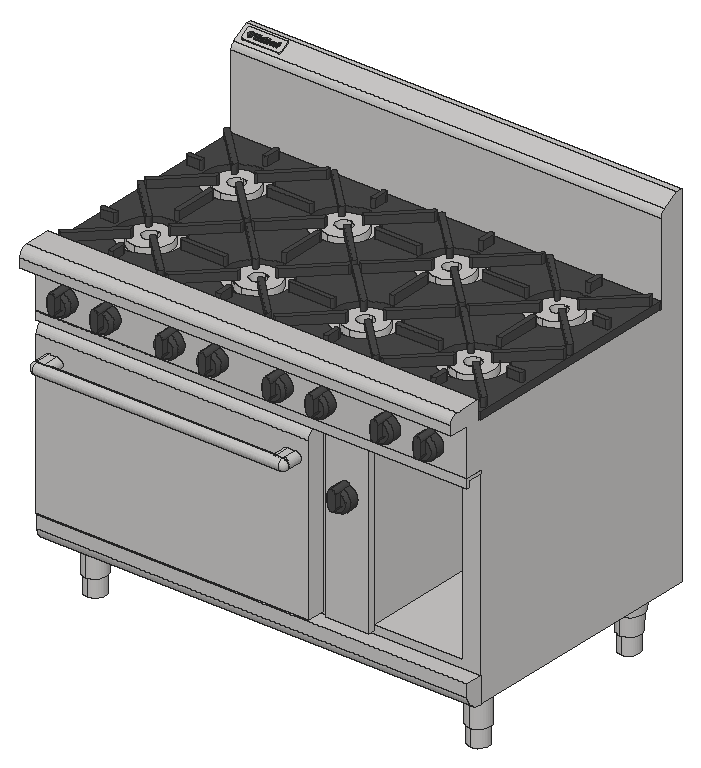
Revit family "QF_MOFFAT WALDORF_RN8810G", category Specialty Equipment, Revit 2012 (continued)
Automatic sketch dimensions
  Extrusion 11 sketch curve to plane 13 = 7.374 mm  (x8)
  plane 8 "Center X" to Extrusion 11 sketch curve = 8.898 mm  (x8)
  plane 8 "Center X" to Extrusion 11 sketch curve = 4.372 mm  (x8)
  Extrusion 11 sketch curve to plane 8 "Center X" = 43.102 mm  (x4)
  Extrusion 11 sketch curve to Extrusion 11 sketch curve = 55.923 mm  (x12)
  plane 10 to Extrusion 11 sketch curve = 43.646 mm  (x2)
  Extrusion 11 sketch curve to plane 11 = 9.416 mm  (x2)
  plane 10 to Extrusion 11 sketch curve = 43.172 mm  (x3)
  plane 10 to Extrusion 11 sketch curve = 9.848 mm  (x8)
  plane 10 to Extrusion 11 sketch curve = 5.323 mm  (x8)
  Extrusion 11 sketch curve to plane 10 = 65.126 mm  (x4)
  plane 9 to Extrusion 11 sketch curve = 13.898 mm
  Extrusion 11 sketch curve to plane 10 = 98.074 mm  (x5)
  plane 7 "Center Y" to Extrusion 11 sketch curve = 6.102 mm  (x3)
  plane 4 "RIGHT" to Extrusion 11 sketch curve = 6.102 mm
  plane 9 to Extrusion 11 sketch curve = 26.102 mm
  Extrusion 11 sketch curve to plane 7 "Center Y" = 6.102 mm
  plane 3 "LEFT" to Extrusion 11 sketch curve = 6.102 mm  (x3)
  plane 14 to Extrusion 11 sketch curve = 40.025 mm  (x4)
  plane 14 to Extrusion 11 sketch curve = 69.6 mm
  Extrusion 11 sketch curve to Extrusion 11 sketch curve = 53.847 mm  (x16)
  Extrusion 11 sketch curve to plane 9 = 38.102 mm  (x2)
  Extrusion 11 sketch curve to Extrusion 11 sketch curve = 12.205 mm  (x7)
  plane 9 to Extrusion 11 sketch curve = 78.102 mm  (x2)
  Extrusion 11 sketch curve to plane 7 "Center Y" = 58.102 mm  (x2)
  plane 7 "Center Y" to Extrusion 11 sketch curve = 58.102 mm  (x2)
  Extrusion 11 sketch curve to Extrusion 11 sketch curve = 128.447 mm  (x3)
  Extrusion 11 sketch curve to Extrusion 11 sketch curve = 116.204 mm  (x2)
  Extrusion 11 sketch curve to plane 16 = 90.9 mm
  plane 16 to Extrusion 11 sketch curve = 15.859 mm  (x2)
  Extrusion 1 to Split face 6 sketch curve = 1.962 mm
  Split face 6 sketch curve to Extrusion 1 = 14.14 mm
  Split face 6 sketch curve to Extrusion 1 = 264.5 mm
  Split face 6 sketch curve to Split face 6 sketch curve = 20 mm
  Extrusion 1 to Split face 7 sketch curve = 1.962 mm
  Split face 7 sketch curve to Extrusion 1 = 14.14 mm
  Split face 7 sketch curve to Extrusion 1 = 291.5 mm
  Split face 7 sketch curve to Split face 7 sketch curve = 20 mm
  Extrusion 1 to Split face 8 sketch curve = 1.962 mm
  Split face 8 sketch curve to Extrusion 1 = 14.14 mm
  Split face 8 sketch curve to Extrusion 1 = 318.5 mm
  Split face 8 sketch curve to Split face 8 sketch curve = 20 mm
  Extrusion 1 to Split face 9 sketch curve = 1.962 mm
  Split face 9 sketch curve to Extrusion 1 = 14.14 mm
  Split face 9 sketch curve to Extrusion 1 = 345.5 mm
  Split face 9 sketch curve to Split face 9 sketch curve = 20 mm
  Extrusion 1 to Split face 10 sketch curve = 1.962 mm
  Split face 10 sketch curve to Extrusion 1 = 14.14 mm
  Split face 10 sketch curve to Extrusion 1 = 372.5 mm
  Split face 10 sketch curve to Split face 10 sketch curve = 20 mm
  Extrusion 1 to Split face 11 sketch curve = 1.962 mm
  Split face 11 sketch curve to Extrusion 1 = 14.14 mm
  Split face 11 sketch curve to Extrusion 1 = 399.5 mm
  Split face 11 sketch curve to Split face 11 sketch curve = 20 mm
  Extrusion 1 to Split face 12 sketch curve = 1.962 mm
  Split face 12 sketch curve to Extrusion 1 = 14.14 mm
  Split face 12 sketch curve to Extrusion 1 = 426.5 mm
  Split face 12 sketch curve to Split face 12 sketch curve = 20 mm
  Extrusion 1 to Split face 13 sketch curve = 1.962 mm
  Split face 13 sketch curve to Extrusion 1 = 14.14 mm
  Split face 13 sketch curve to Extrusion 1 = 453.5 mm
  Split face 13 sketch curve to Split face 13 sketch curve = 20 mm
  Extrusion 1 to Split face 14 sketch curve = 1.962 mm
  Split face 14 sketch curve to Extrusion 1 = 14.14 mm
  Split face 14 sketch curve to Extrusion 1 = 480.5 mm
  Split face 14 sketch curve to Split face 14 sketch curve = 20 mm
  Extrusion 1 to Split face 15 sketch curve = 1.962 mm
  Split face 15 sketch curve to Extrusion 1 = 14.14 mm
  Split face 15 sketch curve to Extrusion 1 = 507.5 mm
  Split face 15 sketch curve to Split face 15 sketch curve = 20 mm
  Extrusion 1 to Split face 16 sketch curve = 1.962 mm
  Split face 16 sketch curve to Extrusion 1 = 14.14 mm
  Split face 16 sketch curve to Extrusion 1 = 534.5 mm
  Split face 16 sketch curve to Split face 16 sketch curve = 20 mm
  Extrusion 1 to Split face 17 sketch curve = 1.962 mm
  Split face 17 sketch curve to Extrusion 1 = 14.14 mm
  Split face 17 sketch curve to Extrusion 1 = 561.5 mm
  Split face 17 sketch curve to Split face 17 sketch curve = 20 mm
  Extrusion 1 to Split face 18 sketch curve = 1.962 mm
  Split face 18 sketch curve to Extrusion 1 = 14.14 mm
  Split face 18 sketch curve to Extrusion 1 = 588.5 mm
  Split face 18 sketch curve to Split face 18 sketch curve = 20 mm
  Extrusion 1 to Split face 19 sketch curve = 1.962 mm
  Split face 19 sketch curve to Extrusion 1 = 14.14 mm
  Split face 19 sketch curve to Extrusion 1 = 584.5 mm
  Split face 19 sketch curve to Split face 19 sketch curve = 20 mm
  Extrusion 1 to Split face 20 sketch curve = 1.962 mm
  Split face 20 sketch curve to Extrusion 1 = 14.14 mm
  Split face 20 sketch curve to Extrusion 1 = 557.5 mm
  Split face 20 sketch curve to Split face 20 sketch curve = 20 mm
  Extrusion 1 to Split face 21 sketch curve = 1.962 mm
  Split face 21 sketch curve to Extrusion 1 = 14.14 mm
  Split face 21 sketch curve to Extrusion 1 = 530.5 mm
  Split face 21 sketch curve to Split face 21 sketch curve = 20 mm
  Extrusion 1 to Split face 22 sketch curve = 1.962 mm
  Split face 22 sketch curve to Extrusion 1 = 14.14 mm
  Split face 22 sketch curve to Extrusion 1 = 503.5 mm
  Split face 22 sketch curve to Split face 22 sketch curve = 20 mm
  Extrusion 1 to Split face 23 sketch curve = 1.962 mm
  Split face 23 sketch curve to Extrusion 1 = 14.14 mm
  Split face 23 sketch curve to Extrusion 1 = 476.5 mm
  Split face 23 sketch curve to Split face 23 sketch curve = 20 mm
  Extrusion 1 to Split face 24 sketch curve = 1.962 mm
  Split face 24 sketch curve to Extrusion 1 = 14.14 mm
  Split face 24 sketch curve to Extrusion 1 = 449.5 mm
  Split face 24 sketch curve to Split face 24 sketch curve = 20 mm
  Extrusion 1 to Split face 25 sketch curve = 1.962 mm
  Split face 25 sketch curve to Extrusion 1 = 14.14 mm
  Split face 25 sketch curve to Extrusion 1 = 422.5 mm
  Split face 25 sketch curve to Split face 25 sketch curve = 20 mm
  Extrusion 1 to Split face 26 sketch curve = 1.962 mm
  Split face 26 sketch curve to Extrusion 1 = 14.14 mm
  Split face 26 sketch curve to Extrusion 1 = 395.5 mm
  Split face 26 sketch curve to Split face 26 sketch curve = 20 mm
  Extrusion 1 to Split face 27 sketch curve = 1.962 mm
  Split face 27 sketch curve to Extrusion 1 = 14.14 mm
  Split face 27 sketch curve to Extrusion 1 = 368.5 mm
  Split face 27 sketch curve to Split face 27 sketch curve = 20 mm
  Extrusion 1 to Split face 28 sketch curve = 1.962 mm
  Split face 28 sketch curve to Extrusion 1 = 14.14 mm
  Split face 28 sketch curve to Extrusion 1 = 341.5 mm
  Split face 28 sketch curve to Split face 28 sketch curve = 20 mm
  Extrusion 1 to Split face 29 sketch curve = 1.962 mm
  Split face 29 sketch curve to Extrusion 1 = 14.14 mm
  Split face 29 sketch curve to Extrusion 1 = 314.5 mm
  Split face 29 sketch curve to Split face 29 sketch curve = 20 mm
  Extrusion 1 to Split face 30 sketch curve = 1.962 mm
  Split face 30 sketch curve to Extrusion 1 = 14.14 mm
  Split face 30 sketch curve to Extrusion 1 = 287.5 mm
  Split face 30 sketch curve to Split face 30 sketch curve = 20 mm
  Extrusion 1 to Split face 31 sketch curve = 1.962 mm
  Split face 31 sketch curve to Extrusion 1 = 14.14 mm
  Split face 31 sketch curve to Extrusion 1 = 260.5 mm
  Split face 31 sketch curve to Split face 31 sketch curve = 20 mm
  Extrusion 1 to Split face 32 sketch curve = 1.962 mm
  Split face 32 sketch curve to Extrusion 1 = 14.14 mm
  Split face 32 sketch curve to Extrusion 1 = 233.5 mm
  Split face 32 sketch curve to Split face 32 sketch curve = 20 mm
  Extrusion 1 to Split face 33 sketch curve = 1.962 mm
  Split face 33 sketch curve to Extrusion 1 = 14.14 mm
  Split face 33 sketch curve to Extrusion 1 = 206.5 mm
  Split face 33 sketch curve to Split face 33 sketch curve = 20 mm
  Extrusion 1 to Split face 34 sketch curve = 1.962 mm
  Split face 34 sketch curve to Extrusion 1 = 14.14 mm
  Split face 34 sketch curve to Extrusion 1 = 179.5 mm
  Split face 34 sketch curve to Split face 34 sketch curve = 20 mm
  Extrusion 1 to Split face 35 sketch curve = 1.962 mm
  Split face 35 sketch curve to Extrusion 1 = 14.14 mm
  Split face 35 sketch curve to Extrusion 1 = 152.5 mm
  Split face 35 sketch curve to Split face 35 sketch curve = 20 mm
  Extrusion 1 to Split face 36 sketch curve = 1.962 mm
  Split face 36 sketch curve to Extrusion 1 = 14.14 mm
  Split face 36 sketch curve to Extrusion 1 = 125.5 mm
  Split face 36 sketch curve to Split face 36 sketch curve = 20 mm
  Extrusion 30 sketch curve to Extrusion 2 = 0 mm  (x2)
  Extrusion 30 sketch curve to Extrusion 30 sketch curve = 469.847 mm
  Extrusion 31 sketch curve to plane 16 = 0.512 mm
  Extrusion 31 sketch curve to Extrusion 31 sketch curve = 81 mm
  Extrusion 31 sketch curve to plane 17 = 6.76 mm
  Extrusion 31 sketch curve to Extrusion 31 sketch curve = 48.5 mm
  Extrusion 31 sketch curve to plane 1 "BACK" = 30.24 mm
  Extrusion 31 sketch curve to plane 17 = 55.26 mm
  plane 10 to Extrusion 10 sketch curve = 36.504 mm  (x4)
  plane 7 "Center Y" to Extrusion 10 sketch curve = 150 mm  (x2)
  Extrusion 3 sketch curve to plane 5 "FRONT" = 91 mm
  plane 18 to Extrusion 3 sketch curve = 45 mm
  Extrusion 32 sketch curve to Extrusion 32 sketch curve = 0 mm  (x17)
  Extrusion 1 to Extrusion 32 sketch curve = 167.5 mm  (x4)
  Extrusion 32 sketch curve to Extrusion 1 = 171.5 mm  (x4)
  Extrusion 1 to Extrusion 32 sketch curve = 150 mm  (x4)
  Extrusion 32 sketch curve to Extrusion 32 sketch curve = 300 mm  (x3)
  Extrusion 33 sketch curve to plane 11 = 1.472 mm
  Extrusion 33 sketch curve to plane 18 = 46.875 mm  (x2)
  Extrusion 33 sketch curve to Extrusion 33 sketch curve = 15 mm  (x2)
  plane 7 "Center Y" to Extrusion 33 sketch curve = 102.757 mm
  Extrusion 33 sketch curve to Extrusion 33 sketch curve = 20.282 mm  (x2)
  Revolve 34 sketch curve to plane 3 "LEFT" = 6.961 mm
  plane 3 "LEFT" to Revolve 34 sketch curve = 23.246 mm
  Revolve 34 sketch curve to plane 18 = 16.875 mm
  Revolve 34 sketch curve to Revolve 34 sketch curve = 15 mm
  Revolve 34 sketch curve to plane 7 "Center Y" = 11.961 mm
  plane 7 "Center Y" to Revolve 34 sketch curve = 123.039 mm
  Revolve 34 sketch curve to Revolve 34 sketch curve = 0 mm
  curve 46 to curve 253 = 0 mm  (x2)
  curve 253 to curve 253 = 22 mm
  curve 179 to curve 255 = 0 mm  (x2)
  curve 255 to curve 255 = 22 mm
  curve 181 to curve 257 = 0 mm  (x2)
  curve 257 to curve 257 = 22 mm
  curve 183 to curve 259 = 0 mm  (x2)
  curve 260 to curve 259 = 22 mm
  curve 226 to curve 261 = 0 mm  (x2)
  plane 10 to curve 262 = 14.772 mm
  curve 224 to curve 263 = 0 mm  (x2)
  plane 10 to curve 263 = 14.772 mm
  curve 222 to curve 265 = 0 mm  (x2)
  plane 10 to curve 266 = 14.772 mm
  curve 48 to curve 267 = 0 mm  (x2)
  plane 10 to curve 268 = 14.772 mm
  radius of Extrusion 8 sketch curve = 10 mm
  radius of Extrusion 10 sketch curve = 85 mm  (x8)
  radius of Extrusion 32 sketch curve = 57 mm  (x8)
  radius of Extrusion 32 sketch curve = 22 mm  (x8)
Nested families
  nested 1: "WALDORF LOGO_FACE BASE" at (12.5, -21.284, 1127.238) x (1, 0, 0) z (0, -0.5, 0.866), visible <- "Show Logo", type "WALDORF LOGO_FACE BASE", detail levels medium+fine
    with Show Logo yes
Connectors
  piping at (1070, -32, 655)
    settings: on Extrusion 8, index 4, connector radius 0.37402", flow factor 0, pipe flow 0 GPM, pressure drop 0.00 psi, fitting loss kfactor 0, connector angle 0.00°, fixture units 0, engagement length 0 mm, flow configuration 1, flow direction 1, fitting loss method 0, system type 7, joint type 0, gender type 0, connector reference index -1, connector utility 0, adjustable connector no, is connector primary yes, fitting loss table "", connector description "GAS CONNECTION"
Definition of nested family "WALDORF LOGO_FACE BASE"
  Parameters (values of type "WALDORF LOGO_FACE BASE")
    Show Logo [instance] = yes
    Default Elevation = 1219.2 mm
  Reference planes
    plane 1 "Center (Front/Back)": y = 0
    plane 2: z = 0
    plane 3 "Center (Left/Right)": x = 0
  Forms (mm)
    Extrusion 1, solid
      sketch origin (0, 0, 0) x (1, 0, 0) y (0, 1, 0)
        loop
          line (-1219.2, 1219.2) -> (-1219.2, -1219.2) -> (1219.2, -1219.2) -> (1219.2, 1219.2) -> (-1219.2, 1219.2)
      from 0 to -304.8
    Extrusion 2, solid, material "QF_Finishes_Stainless Steel", visible <- "Show Logo"
      sketch origin (0, -33.217, 0) x (1, 0, 0) y (0, 1, 0)
        loop
          arc (5, 34.14) -> (1.464, 32.676) -> (0, 29.14) r 5
          line (0, 29.14) -> (0, 5)
          arc (0, 5) -> (1.464, 1.464) -> (5, 0) r 5
          line (5, 0) -> (104, 0)
          arc (104, 0) -> (107.536, 1.464) -> (109, 5) r 5
          line (109, 5) -> (109, 29.14)
          arc (109, 29.14) -> (107.536, 32.676) -> (104, 34.14) r 5
          line (104, 34.14) -> (5, 34.14)
      from 0 to 1.588
    Extrusion 3, solid, material "QF_Finishes_Black", visible <- "Show Logo"
      sketch origin (0, -33.217, 1.588) x (1, 0, 0) y (0, 1, 0)
        loop
          line (24.772, 23.214) -> (27.992, 10.301) -> (31.551, 10.301) -> (33.443, 17.364) -> (35.205, 10.301) -> (39.332, 10.301) -> (42.077, 23.214) -> (38.352, 23.214) -> (36.676, 15.33) -> (35, 23.214) -> (31.752, 23.214) -> (30.076, 15.33) -> (28.4, 23.214) -> (24.772, 23.214)
        loop
          line (42.272, 17.055) -> (45.703, 17.055)
          spline (45.703, 17.055) -> (45.741, 17.285) -> (45.852, 17.499) -> (46.028, 17.682) -> (46.258, 17.823) -> (46.526, 17.912) -> (46.813, 17.942) -> (47.1, 17.912) -> (47.368, 17.823) -> (47.597, 17.682) -> (47.774, 17.499) -> (47.884, 17.285) -> (47.922, 17.055)
          line (47.922, 17.055) -> (47.922, 16.222)
          arc (47.922, 16.222) -> (45.742, 16.014) -> (43.665, 15.317) r 9.604
          arc (43.665, 15.317) -> (41.924, 12.809) -> (43.665, 10.301) r 2.677
          arc (43.665, 10.301) -> (45.527, 10.353) -> (47.332, 10.816) r 8.365
          line (47.332, 10.816) -> (48.092, 11.105) -> (48.092, 10.301) -> (51.817, 10.301) -> (51.817, 17.055)
          spline (51.817, 17.055) -> (51.654, 17.821) -> (51.178, 18.535) -> (50.419, 19.148) -> (49.431, 19.619) -> (48.28, 19.914) -> (47.044, 20.015) -> (45.809, 19.914) -> (44.658, 19.619) -> (43.67, 19.148) -> (42.911, 18.535) -> (42.434, 17.821) -> (42.272, 17.055)
        loop
          line (53.151, 23.214) -> (53.151, 10.301) -> (57.37, 10.301) -> (57.37, 23.214) -> (53.151, 23.214)
        loop
          line (64.874, 23.214) -> (64.874, 18.857)
          arc (64.874, 18.857) -> (58.083, 15.11) -> (64.874, 11.363) r 4.429
          line (64.874, 11.363) -> (64.874, 10.301) -> (68.378, 10.301) -> (68.378, 23.214) -> (64.874, 23.214)
        loop
          arc (64.874, 16.083) -> (61.41, 14.987) -> (64.874, 13.891) r 1.905
          line (64.874, 13.891) -> (64.874, 16.083)
        loop
          circle (74.623, 15.223) r 5
        loop
          spline (74.623, 17.856) -> (74.355, 17.766) -> (74.105, 17.503) -> (73.891, 17.084) -> (73.726, 16.539) -> (73.623, 15.904) -> (73.588, 15.223) -> (73.623, 14.541) -> (73.726, 13.906) -> (73.891, 13.361) -> (74.105, 12.942) -> (74.355, 12.679) -> (74.623, 12.59)
          spline (74.623, 12.59) -> (74.891, 12.679) -> (75.141, 12.942) -> (75.355, 13.361) -> (75.52, 13.906) -> (75.623, 14.541) -> (75.659, 15.223) -> (75.623, 15.904) -> (75.52, 16.539) -> (75.355, 17.084) -> (75.141, 17.503) -> (74.891, 17.766) -> (74.623, 17.856)
        loop
          line (81.255, 19.813) -> (81.255, 10.301) -> (84.834, 10.301) -> (84.834, 14.176)
          arc (84.834, 14.176) -> (85.854, 16.093) -> (88.013, 16.32) r 2.313
          line (88.013, 16.32) -> (88.013, 19.813) -> (87.161, 19.813)
          arc (87.161, 19.813) -> (85.526, 19.266) -> (84.549, 17.844) r 2.717
          line (84.549, 17.844) -> (84.549, 19.813) -> (81.255, 19.813)
        loop
          line (90.249, 19.813) -> (88.91, 19.813) -> (88.91, 17.614) -> (90.249, 17.614) -> (90.249, 10.301) -> (93.998, 10.301) -> (93.998, 17.614) -> (95.418, 17.614) -> (95.418, 19.813) -> (93.998, 19.813)
          arc (93.998, 19.813) -> (94.414, 20.817) -> (95.418, 21.233) r 1.42
          line (95.418, 21.233) -> (95.418, 23.602) -> (93.317, 23.602)
          arc (93.317, 23.602) -> (91.343, 22.903) -> (90.249, 21.118) r 3.137
          line (90.249, 21.118) -> (90.249, 19.813)
        loop
          arc (15.241, 23.571) -> (8.392, 16.525) -> (15.241, 9.479) r 7.049
          line (15.241, 9.479) -> (15.241, 23.571)
        loop
          line (15.641, 23.571) -> (15.641, 9.479)
          arc (15.641, 9.479) -> (22.49, 16.525) -> (15.641, 23.571) r 7.049
        loop
          arc (47.922, 14.711) -> (46.266, 13.749) -> (47.922, 12.787) r 1.107
          line (47.922, 12.787) -> (47.922, 14.711)
      from 0 to 0.2
  Dimensions and locks
    aligned and locked: plane 2 to Extrusion 1
    aligned and locked: level to Extrusion 1
